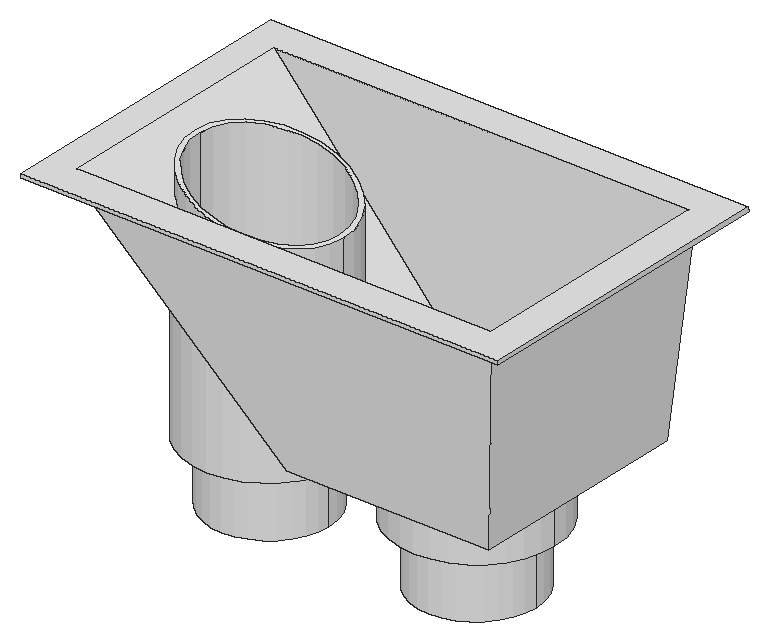
Revit family "Viking Roofspec Sump 05 M17", category Pipe Fittings, host Face, Revit 2021
Family settings
  Host = Face
  Round Connector Dimension = Use Diameter
  Part Type = Cap
  Cut with Voids When Loaded = No
  Shared = No
Parameters (values of type "Sumps IMR130 580x380x249mmd+150mm outlet")
  URL = "www.vikingroofspec.co.nz"
  Type Comments = "Viking Roofspec sump / overflow IMR130, installed as per manufacturers instructions."
  Pipe Diameter = 150 mm
  Overall Height = 389 mm
  Offset Pipe2 = 114 mm
  Offset Pipe1 = 137 mm
  Model = "IMR130"
  Material = Viking Roofspec - Plastic White
  Manufacturer = "Viking Roofspec"  # constant formula
  Flow Out = 7.6 L/s
  Flange Cut Width = 380 mm
  Flange Cut Length = 580 mm
  Default Elevation = 0 mm
  Component = IMR130 : IMR130
Reference planes
  plane 1 "Center (Front/Back)": y = 0
  plane 2: z = 0
  plane 3 "Center (Left/Right)": x = 0
  plane 4 "Pipe Connector": z = -389
  plane 5: x = -290
  plane 6: x = 290
  plane 7: y = -190
  plane 8: y = 190
Forms (mm)
  Extrusion 1, void
    sketch origin (0, 0, 0) x (1, 0, 0) y (0, 1, 0)
      loop
        circle (0, 0) r 115
    from -4 to 0
  Extrusion 2, void
    sketch origin (0, 0, 0) x (1, 0, 0) y (0, 1, 0)
      loop
        line (-290, 190) -> (-290, -190) -> (290, -190) -> (290, 190) -> (-290, 190)
    from 0 to -5
  Extrusion 3, void
    sketch origin (0, 0, 0) x (1, 0, 0) y (0, 1, 0)
      loop
        line (-265, 165) -> (-265, -165) -> (265, -165) -> (265, 165) -> (-265, 165)
    from 0 to -389
  Extrusion 4, solid, not visible
    sketch origin (0, 0, -389) x (0, -1, 0) y (1, 0, 0)
      loop
        circle (0, -137) r 35
    from 0 to 1
  Extrusion 5, solid, not visible
    sketch origin (149.817, 0, -389) x (0, -1, 0) y (1, 0, 0)
      loop
        circle (0, -35.817) r 35
    from 0 to 1
Dimensions and locks
  "Overall Height": host face to plane 4 "Pipe Connector"
  equal spacing: plane 5, plane 3 "Center (Left/Right)", plane 6
  equal spacing: plane 8, plane 1 "Center (Front/Back)", plane 7
  "Flange Cut Length": plane 5 to plane 6
  "Flange Cut Width": plane 8 to plane 7
  locked: plane 8 to Extrusion 3 sketch curve at 25
  locked: Extrusion 3 sketch curve to plane 7 at 25
  locked: plane 5 to Extrusion 3 sketch curve at 25
  locked: Extrusion 3 sketch curve to plane 6 at 25
  "Offset Pipe1": Extrusion 4 sketch curve to nested 1
  "Offset Pipe2": nested 1 to Extrusion 5 sketch curve
  diameter of Extrusion 1 sketch curve = 230 mm
  aligned and locked: plane 2 to host face
  aligned and locked: level to host face
  aligned and locked: Extrusion 2 to plane 5
  aligned and locked: plane 8 to Extrusion 2
  aligned and locked: plane 6 to Extrusion 2
  aligned and locked: Extrusion 2 to plane 7
  aligned and locked: Extrusion 3 to plane 4 "Pipe Connector"
Automatic sketch dimensions
  host sketch curve to host sketch curve = 2438.4 mm  (x2)
  plane 1 "Center (Front/Back)" to Extrusion 1 sketch curve = 0 mm
  Extrusion 1 sketch curve to plane 3 "Center (Left/Right)" = 0 mm
  Extrusion 2 sketch curve to plane 5 = 0 mm
  Extrusion 2 sketch curve to plane 6 = 0 mm
  Extrusion 2 sketch curve to plane 7 = 0 mm
  Extrusion 2 sketch curve to plane 8 = 0 mm
  plane 1 "Center (Front/Back)" to Extrusion 4 sketch curve = 0 mm
  plane 1 "Center (Front/Back)" to Extrusion 5 sketch curve = 0 mm
  radius of Extrusion 4 sketch curve = 35 mm
  radius of Extrusion 5 sketch curve = 35 mm
Nested families
  nested 1: "IMR130" at (0, 0, 0), type <- "Component", Material <- "Material", type "IMR130"
Connectors
  piping at (114, 0, -389), diameter 150, driven by "Pipe Diameter", driven by "Flow Out"
    settings: on Extrusion 5, index 4, connector inside diameter 609.6 mm, connector length 0 mm, flow factor 0, pipe flow 7.6 L/s, pressure drop 0.0 Pa, fitting loss kfactor 0, connector angle 0.00°, fixture units 0, engagement length 0 mm, angle of deflection 0.00°, flow configuration 1, flow direction 2, fitting loss method 4, system type 16, joint type 0, gender type 0, connector reference index -1, connector utility 0, adjustable connector no, is connector primary yes, connector description "Sump"
  piping at (-137, 0, -389), diameter 150, driven by "Pipe Diameter", driven by "Flow Out"
    settings: on Extrusion 4, index 5, connector inside diameter 609.6 mm, connector length 0 mm, flow factor 0, pipe flow 7.6 L/s, pressure drop 0.0 Pa, fitting loss kfactor 0, connector angle 0.00°, fixture units 0, engagement length 0 mm, angle of deflection 0.00°, flow configuration 1, flow direction 2, fitting loss method 4, system type 16, joint type 0, gender type 0, connector reference index -1, connector utility 0, adjustable connector no, is connector primary no, connector description "Sump Overflow"
Definition of nested family "IMR130"
  Parameters (values of type "IMR130")
    Material [instance] = none
    Default Elevation = 1219.2 mm
  Reference planes
    plane 1 "Center (Front/Back)": y = 0
    plane 2: z = 0
    plane 3 "Center (Left/Right)": x = 0
  Forms (mm)
    Revolve 1, solid, material <- "Material"
      sketch origin (-111.657, 0, -78.992) x (1, 0, 0) y (0, 0, 1)
        loop
          line (-98.172, -235.225) -> (-98.172, -310.021) -> (-25.672, -310.021) -> (-25.672, 55.02) -> (-120.672, 55.02) -> (-120.672, -235.225) -> (-98.172, -235.225)
        axis (-25.672, -310.021) -> (-25.672, 55.02)
      angle from 0 to 360
    Extrusion 2, solid, material <- "Material"
      sketch origin (0, 0, 0) x (0, 1, 0) y (0, 0, 1)
        loop
          line (-190, 0) -> (-190, -5) -> (-154.571, -5) -> (-134.998, -249.217) -> (134.998, -249.217) -> (154.571, -5) -> (190, -5) -> (190, 0) -> (-190, 0)
      from -287.697 to 291.503
    Extrusion 3, void
      sketch origin (0, 0, 0) x (1, 0, 0) y (0, 0, 1)
        loop
          line (-308.389, -5) -> (-308.389, -268.338) -> (6.969, -268.338) -> (6.969, -264.634) -> (-253.525, -5) -> (-308.389, -5)
      from -198.718 to 250
    Extrusion 4, void
      sketch origin (0, 0, 0) x (-1, 0, 0) y (0, 0, -1)
        loop
          line (-307.108, 5) -> (-256.074, 5) -> (-234.969, 268.338) -> (-307.108, 268.338) -> (-307.108, 5)
      from -198.718 to 250
    Blend 5, void
      base sketch origin (0, 0, 0) x (1, 0, 0) y (0, 1, 0)
        loop
          line (251.472, 149.971) -> (-251.527, 149.971) -> (-251.527, -149.971) -> (251.472, -149.971) -> (251.472, 149.971)
      top sketch origin (0, 0, 0) x (1, 0, 0) y (0, 1, 0)
        loop
          line (-6.537, 130.389) -> (-6.537, -130.389) -> (231.895, -130.389) -> (231.895, 130.389) -> (-6.537, 130.389)
      from 0 to -244.217
    Revolve 6, solid, material <- "Material"
      sketch origin (-50.015, 0, 0) x (1, 0, 0) y (0, 0, 1)
        loop
          line (-177.314, -10.591) -> (-177.314, -228.95) -> (-172.314, -228.95) -> (-172.314, -10.591) -> (-177.314, -10.591)
        axis (-87.314, -228.95) -> (-87.314, -10.591)
      angle from 0 to 360
    Extrusion 7, void
      sketch origin (-50.015, 0, 0) x (1, 0, 0) y (0, 0, 1)
        loop
          line (-181.78, -13.161) -> (7.82, -70.896) -> (7.82, -8.113) -> (-181.78, -8.113) -> (-181.78, -13.161)
      from -115.899 to 102.256
    Extrusion 8, void
      sketch origin (-166.443, 0, 0) x (1, 0, 0) y (0, 1, 0)
        loop
          circle (29.114, 0) r 85
      from -16.513 to -309.217
    Revolve 9, solid, material <- "Material"
      sketch origin (139.673, 0, -78.992) x (1, 0, 0) y (0, 0, 1)
        loop
          line (-98.172, -235.225) -> (-98.172, -310.021) -> (-25.672, -310.021) -> (-25.672, -167.008) -> (-120.672, -167.008) -> (-120.672, -235.225) -> (-98.172, -235.225)
        axis (-25.672, -310.021) -> (-25.672, -167.008)
      angle from 0 to 360
    Extrusion 10, void
      sketch origin (0, 0, 0) x (1, 0, 0) y (0, 1, 0)
        loop
          circle (114.001, 0) r 90
      from -309.217 to -228.95
  Cuts and joins
    Blend 5, Extrusion 8 cuts Revolve 1
    Extrusion 3, Extrusion 4, Blend 5, Extrusion 8, Extrusion 10 cuts Extrusion 2
    Extrusion 7 cuts Revolve 6
    Extrusion 10 cuts Revolve 9
    joined: Revolve 1, Extrusion 2, Revolve 6, Revolve 9
  Dimensions and locks
    aligned and locked: level to plane 2
